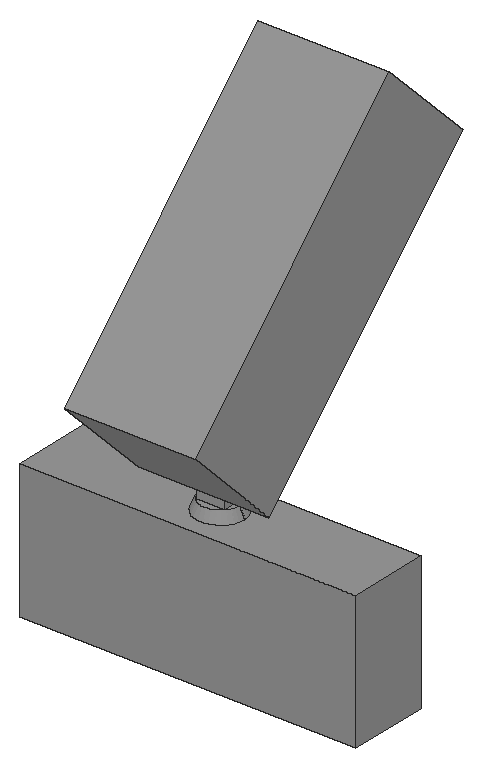
Revit family "SS10-3090-24V-MTM-BK", category Lighting Fixtures, host Face, Revit 2022
Family settings
  Host = Face
  Round Connector Dimension = Use Diameter
  Part Type = Normal
  Cut with Voids When Loaded = Yes
  Light Source = Yes
  Maintain Annotation Orientation = No
  Shared = No
  Room Calculation Point = No
Parameters (values of type "SS-10W-3000K-36D")
  Wattage Comments = "10W"
  Wattage = 4.03926 W
  built-in parameter 1150110 = 1 (stored number, unit not read)
  URL = "https://www.abovealllighting.com/Product/LED-INDOOR-FIXTURE/Track/SquareSpotSeriesMagneticTrackLight.html"
  built-in parameter 1114217 = 1 (stored number, unit not read)
  Tilt Angle = 60.00°
  built-in parameter 1150109 = 1 (stored number, unit not read)
  built-in parameter 1150134 = (empty or 0)
  built-in parameter 1150113 = 1 (stored number, unit not read)
  Power Factor = "0.9"
  Photometric Web File = "SS10-3090-24V-36-MTM-BK.ies.IES"
  Model = "SS10-3090-24V-36-MTM-BK"
  Manufacturer = "Above All Lighting"  # constant formula
  built-in parameter 1150105 = 4534.9 (stored number, unit not read)
  Lumens = 600 lm
  built-in parameter 1150115 = 1 (stored number, unit not read)
  Load Classification = Lighting
  built-in parameter 1150137 = (empty or 0)
  built-in parameter 1150139 = (empty or 0)
  built-in parameter 1150112 = 1 (stored number, unit not read)
  built-in parameter 1150114 = 1 (stored number, unit not read)
  Lamp = "LED"
  Input Voltage = "24VDC"
  built-in parameter 1150132 = 2
  built-in parameter 1150102 = (empty or 0)
  built-in parameter 1150107 = 3000 (stored number, unit not read)
  built-in parameter 1150138 = (empty or 0)
  built-in parameter 1150106 = 45.349 (stored number, unit not read)
  built-in parameter 1150104 = 13.8 (stored number, unit not read)
  Dimming Lamp Color Temperature Shift = <None>
  Default Elevation = 0' - 0"
  Color Filter = 16777215
  CRI = "90"
  Beam Angle = 36.00°
  built-in parameter 1114218 = 1 (stored number, unit not read)
  built-in parameter 1150133 = 10 (stored number, unit not read)
Types (4): name | Photometric Web File | Model | Beam Angle
  (no name) | "SS10-3090-24V-36-MTM-BK.ies.IES" | "SS10-3090-24V-36-MTM-BK" | 36.00°
  SS-10W-3000K-18D | "SS10-3090-24V-18-MTM-BK.ies.IES" | "SS10-3090-24V-18-MTM-BK" | 18.00°
  SS-10W-3000K-24D | "SS10-3090-24V-24-MTM-BK.ies.IES" | "SS10-3090-24V-24-MTM-BK" | 24.00°
  SS-10W-3000K-36D | "SS10-3090-24V-36-MTM-BK.ies.IES" | "SS10-3090-24V-36-MTM-BK" | 36.00°
Reference planes (in)
  plane 1 "Center (Front/Back)": y = 0
  plane 2: z = 0
  plane 3 "Center (Left/Right)": x = 0
  plane 4: x = -2.7
  plane 5: x = 2.7
  plane 6: z = 2.2
  plane 7: y = 0.65
  plane 8: y = -0.65
Forms (in)
  Extrusion 1, solid, material "Metal, Paint Finish, White, Matte"
    sketch origin (0, 0, 0) x (1, 0, 0) y (0, 1, 0)
      loop
        line (-2.7, 0.65) -> (-2.7, -0.65) -> (2.7, -0.65) -> (2.7, 0.65) -> (-2.7, 0.65)
    from 0 to 2.2
  Revolve 2, solid, material "Metal, Paint Finish, White, Matte"
    sketch origin (0, 0, 0) x (1, 0, 0) y (0, 0, 1)
      loop
        line (0, 2.37024) -> (-0.31086, 2.37024) -> (-0.39024, 2.2) -> (0, 2.2) -> (0, 2.37024)
      axis (0, 2.37024) -> (0, 2.2)
    angle from 0 to 360
  Extrusion 3, solid, material "Metal, Paint Finish, White, Matte"
    sketch origin (0.02287, 0, 0) x (1, 0, 0) y (0, 1, 0)
      loop
        line (-0.25, 0.17717) -> (-0.25, -0.19196) -> (0.20426, -0.19196) -> (0.20426, 0.17717) -> (-0.25, 0.17717)
    from 2.37024 to 3.2
  Extrusion 4, solid, material "Metal, Paint Finish, White, Matte"
    sketch origin (0, -1.28192, -1.75171) x (-1, 0, 0) y (0, -0.707107, 0.707107)
      loop
        line (-1.05, 4.5) -> (-1.05, 2.4) -> (1.05, 2.4) -> (1.05, 4.5) -> (-1.05, 4.5)
    from 3.75 to 9.25
  Extrusion 5, void
    sketch origin (0, 3.31428, 2.84449) x (-1, 0, 0) y (0, -0.707107, 0.707107)
      loop
        circle (0, 3.45) r 0.71775
    from 0.58247 to 2.75
  Extrusion 6, solid, material "Glass"
    sketch origin (0, 3.31428, 2.84449) x (-1, 0, 0) y (0, -0.707107, 0.707107)
      loop
        circle (0, 3.45) r 0.71775
    from 1.68864 to 1.7546
Cuts and joins
  Extrusion 5 cuts Extrusion 3
  Extrusion 5 cuts Extrusion 4
Dimensions and locks (in)
  plane 6 to host face = 0' - 2.2"
  plane 4 to plane 5 = 0' - 5.4"
  plane 8 to plane 7 = 0' - 1.3"
  aligned and locked: plane 2 to host face
  aligned and locked: level to host face
  aligned and locked: plane 6 to Extrusion 1
  aligned and locked: Revolve 2 to Extrusion 3
